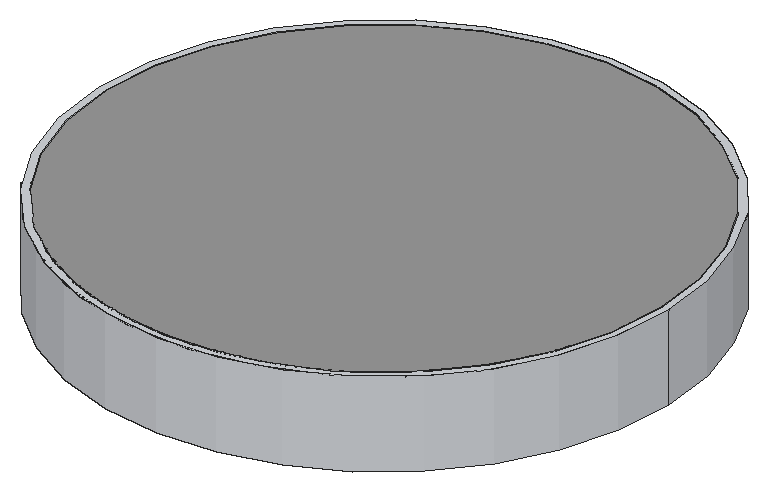
Revit family "2071137", category Lighting Fixtures, host Face, Revit 2018
Family settings
  Host = Face
  Round Connector Dimension = Use Diameter
  Part Type = Normal
  OmniClass Number = 23.80.70.00
  OmniClass Title = Lighting
  Cut with Voids When Loaded = No
  Light Source = Yes
  Shared = No
  Room Calculation Point = No
Parameters (values of type "2071137 COLOSSAL 400 830 PR DIR+H WHT EM")
  iner diameter = 390 mm
  Weight = "n/a"
  Wattage Comments = ""
  Wattage = 30 W
  WarrantyStartDate [instance] = "n/a"
  WarrantyGuarantorParts = "n/a"
  WarrantyDurationUnit = "n/a"
  WarrantyDurationParts = ""
  WarrantyDescription = "http://www.sylvania-lighting.com"
  built-in parameter 1150110 = 1 (stored number, unit not read)
  Voltage = 230 V
  URL = "0.93"
  TypeName = "COLOSSAL 400mm 830 PRISM DIR+HAL WHITE EM"
  Type Image = <None>
  Type Comments = "n/a"
  built-in parameter 1114217 = 1 (stored number, unit not read)
  Tilt Angle = -90.00°
  built-in parameter 1150109 = 1 (stored number, unit not read)
  built-in parameter 1150134 = (empty or 0)
  built-in parameter 1150113 = 1 (stored number, unit not read)
  SerialNumber [instance] = "n/a"
  Photometric Web File = "2071137.ies"
  Material_3_SYL = LED-Sylvania
  PowerFactor = 0
  PowerConsumption = "Lighting"
  NominalLength = 400 mm
  NominalHeight = 93 mm
  NominalDepth = 400 mm
  Name = "COLOSSAL 400mm 830 PRISM DIR+HAL WHITE EM"
  ModelReference = Name  # "COLOSSAL 400mm 830 PRISM DIR+HAL WHITE EM"
  ModelNumber = "2071137"
  Model = Name  # "COLOSSAL 400mm 830 PRISM DIR+HAL WHITE EM"
  Material = "Feilo Sylvania"
  ManufacturerName = "117 lm/W"
  Manufacturer = ""
  LuminousEfficacy = ""
  built-in parameter 1150105 = 270.44 (stored number, unit not read)
  Lumens = 3398.4 lm
  LuminaireType = "0"
  built-in parameter 1150115 = 1 (stored number, unit not read)
  LightOutputRatio = "LED"
  built-in parameter 1150137 = (empty or 0)
  built-in parameter 1150139 = (empty or 0)
  LampsType = Lamp  # "n/a"
  LampNominalLuminous = "3000 K"
  LampMacAdamStep = "80"
  LampColourTemperature = "LED"
  LampColourRenderingIndex = "16500"
  built-in parameter 1150112 = 1 (stored number, unit not read)
  built-in parameter 1150114 = 1 (stored number, unit not read)
  Lamp = "n/a"
  Keynote = "n/a"
  InstallationDate [instance] = "n/a"
  InputVoltage = "0"
  InputNominalFrequency = "3000"
  built-in parameter 1150132 = (empty or 0)
  built-in parameter 1150102 = (empty or 0)
  built-in parameter 1150107 = 3000 (stored number, unit not read)
  built-in parameter 1150138 = (empty or 0)
  IngressProtection = "IfcLightFixtureType"
  ImpactProtectionIndex = "IfcLightFixtureType"
  built-in parameter 1150106 = 2.7044 (stored number, unit not read)
  IfcExportType = "IfcLightFixtureType"
  IfcExportAs = "Class I"
  Emit from Circle Diameter = 385 mm
  Emit Shape Visible in Rendering = no
  ElectricShockClassification = "117"
  built-in parameter 1150104 = 10.524 (stored number, unit not read)
  DocumentationLiterature = "http://www.sylvania-lighting.com/product/en-int/products/2071137"
  DimmingControlOptions = "n/a"
  Material_2_SYL = Polycarbonate_Sylvania_White
  Dimming Lamp Color Temperature Shift = <None>
  Description = "400mm diameter circular architectural luminaire, can be surface mounted or suspended. Powder coated aluminium housing (RAL9016) with PMMA prismatic diffuser. Direct/indirect (halo) light distribution, 1920lm luminuous flux, 16.4W system power, 117lm/W luminiaire efficacy. Constant current driver. 3 hours integrated emergency. Colour rendering index Ra >80, 3000K Warm White LED, chromaticity tolerance of 3-step MacAdam ellipse. IP40, IK03. 350mA drive current. UGR≤19. Electrical protection Class1, 220-240V. Reported lifetime 66k hours L90B10."
  Default Elevation = 1219.2 mm
  CreatedOn = "22/03/2022"
  CreatedBy = "@sylvania-lighting.com"
  Cost = 0
  Color Filter = 16777215
  built-in parameter 1114216 [instance] = (empty or 0)
  ClassificationValue = "EF_70_80"
  ClassificationName = "Uniclass2015"
  Material_1_SYL = Polycarbonate_Sylvania_Opal
  BarCode [instance] = "n/a"
  built-in parameter 1114218 = 1 (stored number, unit not read)
  built-in parameter 1150133 = 10 (stored number, unit not read)
  AssetType = "Fixed"
  AssetIdentifier [instance] = "n/a"
  Assembly Code = "D5020200"
  Apparent Load = 16.4 VA
  Material_4_SYL = none
Reference planes
  plane 1 "Center (Front/Back)": y = 0
  plane 2: z = 0
  plane 3 "Center (Left/Right)": x = 0
  plane 4: x = -200
  plane 5: x = 200
  plane 6: y = 200
  plane 7: y = -200
  plane 8: y = 236
  plane 9: y = -236
  plane 10: z = 93
  plane 11: y = 195
  plane 12: y = -195
  plane 13: y = 90.5
  plane 14: y = 144.5
  plane 15: through (52.25, 90.5, 1219.2) normal (0.866, 0.5, 0)
  plane 16: through (52.25, 90.5, 1219.2) normal (0.866, 0.5, 0)
  plane 17: through (63.706, 126.657, 1219.2) normal (0.866, 0.5, 0)
  plane 18: through (-104.5, 0, 1219.2) normal (-0.866, 0.5, 0)
  plane 19: through (-142.394, -9.633, 1219.2) normal (-0.866, 0.5, 0)
  plane 20: y = -90.5
  plane 21: y = -118.5
  plane 22: through (85.371, -141.133, 1219.2) normal (-0.866, 0.5, 0)
  plane 23: through (52.25, -90.5, 1219.2) normal (-0.866, 0.5, 0)
  plane 24: through (-161.658, 0, 1219.2) normal (0.866, 0.5, 0)
  plane 25: through (-172.12, 9.121, 1219.2) normal (0.866, 0.5, 0)
  plane 26: through (-104.5, 0, 1219.2) normal (0.866, 0.5, 0)
Forms (mm)
  Extrusion 1, solid, detail levels medium+fine
    sketch origin (0, 0, 0) x (1, 0, 0) y (0, 1, 0)
      loop
        circle (0, 0) r 200
    from 33.023 to 93
  Extrusion 2, void
    sketch origin (0, 0, 0) x (1, 0, 0) y (0, 1, 0)
      loop
        circle (0, 0) r 195
    from 93 to 37.292
  Extrusion 3, solid, material "Glass, White, High Luminance", detail levels fine
    sketch origin (0, 0, 0) x (1, 0, 0) y (0, 1, 0)
      loop
        circle (0, 0) r 195
    from 88.026 to 93
  Extrusion 4, solid, detail levels coarse
    sketch origin (0, 0, 0) x (1, 0, 0) y (0, 1, 0)
      loop
        line (-200, 200) -> (-200, -200) -> (200, -200) -> (200, 200) -> (-200, 200)
    from 0 to 93
  Blend 5, solid, detail levels medium+fine
    base sketch origin (0, 0, 0) x (1, 0, 0) y (0, 1, 0)
      loop
        line (-52.25, 90.5) -> (-104.5, 0) -> (-52.25, -90.5) -> (52.25, -90.5) -> (104.5, 0) -> (52.25, 90.5) -> (-52.25, 90.5)
    top sketch origin (0, 0, 0) x (1, 0, 0) y (0, 1, 0)
      loop
        line (-53.405, 144.5) -> (-149.245, -21.5) -> (-93.242, -118.5) -> (98.438, -118.5) -> (151.843, -26) -> (53.405, 144.5) -> (-53.405, 144.5)
    from 0 to 33.023
Cuts and joins
  Extrusion 2 cuts Extrusion 1
Dimensions and locks
  "NominalDepth": plane 6 to plane 7
  "NominalLength": plane 4 to plane 5
  equal spacing: plane 4, plane 3 "Center (Left/Right)", plane 5
  "iner diameter": plane 11 to plane 12
  equal spacing: plane 11, plane 1 "Center (Front/Back)", plane 12
  equal spacing: plane 6, plane 1 "Center (Front/Back)", plane 7
  "NominalHeight": plane 10 to level
  plane 19 to plane 18 = 28 mm
  radius of Extrusion 2 sketch curve = 195 mm
  aligned and locked: plane 2 to host face
  aligned and locked: level to host face
Automatic sketch dimensions
  host sketch curve to host sketch curve = 2438.4 mm  (x2)
  plane 1 "Center (Front/Back)" to Extrusion 1 sketch curve = 0 mm
  Extrusion 1 sketch curve to plane 3 "Center (Left/Right)" = 0 mm
  plane 1 "Center (Front/Back)" to Extrusion 2 sketch curve = 0 mm
  Extrusion 2 sketch curve to plane 3 "Center (Left/Right)" = 0 mm
  plane 1 "Center (Front/Back)" to Extrusion 3 sketch curve = 0 mm
  Extrusion 3 sketch curve to plane 3 "Center (Left/Right)" = 0 mm
  Extrusion 4 sketch curve to plane 4 = 0 mm
  Extrusion 4 sketch curve to plane 5 = 0 mm
  Extrusion 4 sketch curve to plane 7 = 0 mm
  Extrusion 4 sketch curve to plane 6 = 0 mm
  Blend 5 sketch curve to plane 19 = 0 mm  (x2)
  Blend 5 sketch curve to plane 24 = 0 mm  (x2)
  Blend 5 sketch curve to plane 21 = 0 mm
  Blend 5 sketch curve to plane 14 = 0 mm
  Blend 5 sketch curve to plane 17 = 0 mm  (x2)
  Blend 5 sketch curve to plane 22 = 0 mm  (x2)
  radius of Extrusion 1 sketch curve = 200 mm
  radius of Extrusion 3 sketch curve = 195 mm
Connectors
  electrical at (0, 0, 0), driven by "Apparent Load", driven by "PowerFactor", driven by "Voltage"
    settings: index 1, voltage 230 V, apparent load 16.4 VA, apparent load phase1 0 VA, apparent load phase2 0 VA, apparent load phase3 0 VA, power factor 0, load classification "Lighting", number of poles 1, system type 30, power factor state 1, is connector primary yes, connector utility no, sub classification motor no, connector description ""
